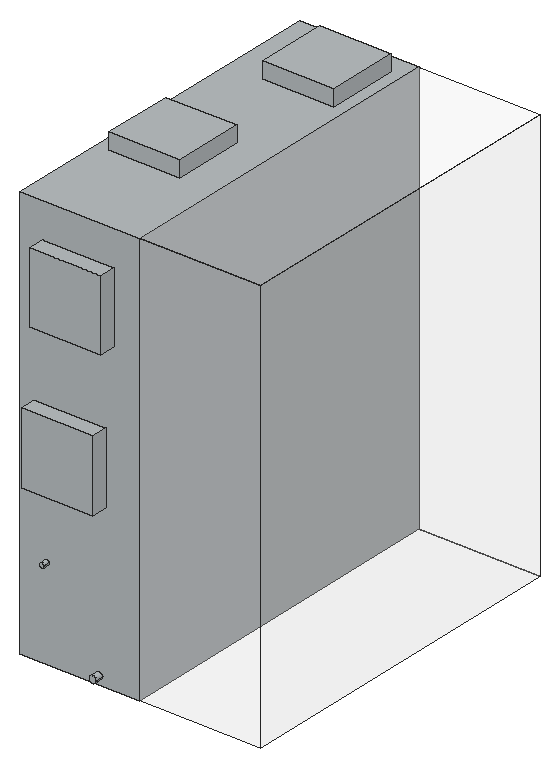
Revit family "lb-150_200kx5-60_60Hz", category 機械設備, Revit 2019
Family settings
  丸型コネクタ寸法 = 直径を使用
  パーツ タイプ = 標準
  OmniClass 番号 = 23.75.10.34.21
  OmniClass タイトル = Heat Exchangers for Ventilation Air
  作業面ベース = いいえ
  常に垂直 = はい
  ロード時にボイドで切り取り = いいえ
  共有 = いいえ
  部屋計算ポイント = はい
Parameters (values of type "LB-150KX5-60")
  騒音レベル(dB(A)) = 45.5
  風量 = 1500.0 m³/h
  面風速 = 3.4 m/s
  電源種別 [instance] = ""
  電圧 = 200 V
  電動機出力 = 0 W
  集中コントローラ = ""
  運転質量 = 0.00 kg
  連動 [instance] = ""
  質量 = if(製品質量 > 運転質量, 製品質量, 運転質量) * 1.2  # 450.00 kg
  負荷分類 = 3_ファン類
  説明 = "設備用ロスナイ 床置ビルトイン形加湿付"
  設計風量 = 0.0 m³/h
  設置方法 = "床置形"
  記号 [instance] = ""
  製造元 = "三菱電機株式会社"
  製品質量 = 375.00 kg
  製品出荷対象 = "国内"
  製品リリース年月 = "2018/7/25"
  製品グループ = ""
  給水管_W = 133 mm
  給水管_H = 452 mm
  給水管_Depth = 29 mm
  系統 [instance] = ""
  符号 = "HEU"
  積算_科目 = "1 空気調和設備"
  積算_拾い区分 [instance] = ""
  相 = 3
  盤記号 [instance] = ""
  発停方法 [instance] = ""
  特殊仕様 [instance] = ""
  火災停止 [instance] = ""
  温度交換効率 = 70.00%
  消費電力 = 1500 W
  法定耐用年数 = "15"
  機外静圧_排気 = 220.0 Pa
  機外静圧 = 220.0 Pa
  極数 = 3
  材質 [instance] = ""
  本体固定用穴ピッチ2 = 1680 mm
  本体固定用穴ピッチ1 = 460 mm
  本体固定用穴_径 = 20 mm
  本体マテリアル = 溶融亜鉛めっき鋼板
  有効加湿量 = 3.4
  操作・制御方式 = ""
  操作・制御スイッチ = ""
  排気量 = 0.0 m³/h
  形式 = "床置形"
  幹線記号 [instance] = ""
  対象室 [instance] = ""
  実風量 = 0.0 m³/h
  始動方式 [instance] = "直入"
  外気量 = 0.0 m³/h
  呼称 = "全熱交換ユニット"
  周波数 = 60 Hz
  参照している仕様書等のバージョン = "公共建築工事標準仕様書（機械設備工事編）平成31年度版"
  加湿給水管径 = 21.7 mm
  初期抵抗 = 0.0 Pa
  分類コード = "50052504100050"
  分類グループ = ""
  価格 = 3866000
  企業コード = "108420"
  付属品_フィルター_還気 = ""
  付属品_フィルター = ""
  付属品 [instance] = ""
  仕様書バージョン = "Version1.0"
  モデル = "LB-150KX5-60"
  メンテナンススペース = yes
  ドレン管径 = 34 mm
  ドレン管_W = 200 mm
  ドレン管_H = 41 mm
  ドレン管_Depth = 37 mm
  コメント [instance] = ""
  Keynote = ""
  エンタルピ交換効率_暖房 = 69.50%
  エンタルピ交換効率_冷房 = 67.00%
  Assembly Code = ""
  Width = 590 mm
  Version = ""
  Uniclass2015Version = "Systems v1.9"
  Uniclass2015Title = "Thermal wheels"
  Uniclass2015Code = "Pr_60_60_36_88"
  URL = "https://www.mitsubishielectric.co.jp/ldg/wink/ssl/displayProduct.do?pid=294047"
  SpecificationReference = ""
  SpecificationDescription = ""
  SAサイズ_W = 352 mm
  SAサイズ_D = 352 mm
  Revision = ""
  RAサイズ_W = 352 mm
  RAサイズ_D = 352 mm
  ProductInformation = ""
  OmniClassCode = "23-27 23 19 11"
  OAサイズ_W = 352 mm
  OAサイズ_D = 352 mm
  MIN風量 = 0.0 m³/h
  MIN静圧 = 0.0 Pa
  MID風量 = 0.0 m³/h
  MID静圧 = 0.0 Pa
  MAX風量 = 1500.0 m³/h
  MAX静圧 = 220.0 Pa
  IfcTypeProduct = ""
  IfcProduct = ""
  IfcExportType = "ROTARYWHEEL"
  IfcExportAs = "IfcAirToAirHeatRecoveryType"
  Height = 2047 mm
  EAサイズ_W = 352 mm
  EAサイズ_D = 352 mm
  Duct_SA_W = 165 mm
  Duct_SA_H = 798 mm
  Duct_RA_W = 125 mm
  Duct_RA_H = 372 mm
  Duct_OA_W = 174 mm
  Duct_OA_D = 458 mm
  Duct_Height = 80 mm
  Duct_EA_W = 61 mm
  Duct_EA_D = 98 mm
  Depth = 1730 mm
  Clearance Top = 0 mm
  Clearance Right = 600 mm
  Clearance Left = 0 mm
  Clearance Front = 0 mm
  Clearance Bottom = 0 mm
  Clearance Back = 0 mm
  Author = "三菱電機株式会社"
Types (2, lengths in mm): name | 騒音レベル(dB(A)) | 風量 | 面風速 | 質量 | 製品質量 | 消費電力 | 機外静圧_排気 | 機外静圧 | 有効加湿量 | 価格 | モデル | エンタルピ交換効率_暖房 | URL | SAサイズ_D | RAサイズ_W | OAサイズ_W | MAX風量 | MAX静圧 | EAサイズ_W | Duct_SA_H | Duct_RA_W | Duct_OA_W
  LB-150KX5-60 | 45.5 | 1500.0 m³/h | 3.4 m/s | 450.00 kg | 375.00 kg | 1500 W | 220.0 Pa | 220.0 Pa | 3.4 | 3866000 | "LB-150KX5-60" | 69.50% | "https://www.mitsubishielectric.co.jp/ldg/wink/ssl/displayProduct.do?pid=294047" | 352 | 352 | 352 | 1500.0 m³/h | 220.0 Pa | 352 | 798 | 125 | 174
  LB-200KX5-60 | 47 | 2000.0 m³/h | 3.53 m/s | 462.00 kg | 385.00 kg | 2100 W | 200.0 Pa | 200.0 Pa | 4.6 | 4971000 | "LB-200KX5-60" | 69.00% | "https://www.mitsubishielectric.co.jp/ldg/wink/ssl/displayProduct.do?pid=294049" | 452 | 452 | 452 | 2000.0 m³/h | 200.0 Pa | 452 | 698 | 74 | 74
Reference planes
  plane 1 "中心(正面/背面)": y = 0
  plane 2: z = 0
  plane 3 "中心(左/右)": x = 0
  plane 4: x = 295
  plane 5: y = 865
  plane 6: y = -865
  plane 7: x = -295
  plane 8: y = -219
  plane 9: y = 591
  plane 10: y = -43
  plane 11: y = -395
  plane 12: y = 767
  plane 13: y = 415
  plane 14: x = -231
  plane 15: x = 121
  plane 16: z = 2047
  plane 17: z = 2127
  plane 18: y = 840
  plane 19: y = -840
  plane 20: x = -230
  plane 21: x = 230
  plane 22: x = 895
  plane 23: x = -295
  plane 24: y = 865
  plane 25: y = -865
  plane 26: z = 2047
  plane 27: z = 0
  plane 28: x = 234
  plane 29: x = -118
  plane 30: z = 798
  plane 31: z = 1150
  plane 32: z = 1874
  plane 33: z = 1522
  plane 34: x = 130
  plane 35: x = -222
  plane 36: x = 170
  plane 37: x = -182
  plane 38: y = -945
  plane 39: x = 95
  plane 40: z = 41
  plane 41: x = -162
  plane 42: z = 452
  plane 43: y = -894
  plane 44: y = -902
Forms (mm)
  Extrusion 1, solid, material "溶融亜鉛めっき鋼板" <- "本体マテリアル", detail levels fine
    sketch origin (0, 0, 0) x (1, 0, 0) y (0, 1, 0)
      loop
        line (-295, 865) -> (-295, -865) -> (295, -865) -> (295, 865) -> (-295, 865)
    from 0 to 2047
  Extrusion 2, solid, material "溶融亜鉛めっき鋼板" <- "本体マテリアル", detail levels fine
    sketch origin (0, 0, 0) x (1, 0, 0) y (0, 1, 0)
      loop
        line (-118, 767) -> (-118, 415) -> (234, 415) -> (234, 767) -> (-118, 767)
      loop
        line (-231, -43) -> (-231, -395) -> (121, -395) -> (121, -43) -> (-231, -43)
    from 2047 to 2127
  Extrusion 3, solid, material "溶融亜鉛めっき鋼板" <- "本体マテリアル", detail levels fine
    sketch origin (0, 0, 0) x (1, 0, 0) y (0, 0, 1)
      loop
        line (130, 798) -> (130, 1150) -> (-222, 1150) -> (-222, 798) -> (130, 798)
      loop
        line (170, 1874) -> (-182, 1874) -> (-182, 1522) -> (170, 1522) -> (170, 1874)
    from 865 to 945
  Extrusion 4, solid, material "溶融亜鉛めっき鋼板" <- "本体マテリアル", detail levels fine
    sketch origin (0, 0, 0) x (1, 0, 0) y (0, 0, 1)
      loop
        circle (95, 41) r 17
    from 865 to 902
  Extrusion 5, solid, material "溶融亜鉛めっき鋼板" <- "本体マテリアル", detail levels fine
    sketch origin (0, 0, 0) x (1, 0, 0) y (0, 0, 1)
      loop
        circle (-162, 452) r 10.85
    from 865 to 894
Lines and regions (mm)
  Masking region 1, detail levels coarse+medium
    outline origin (1331.5, 88, 0) x (1, 0, 0) y (0, 1, 0)
      loop
        line (-1626.5, 777) -> (-1626.5, -953) -> (-1036.5, -953) -> (-1036.5, 777) -> (-1626.5, 777)
  symbolic lines, detail levels coarse+medium
    curve 1: line (0, 865, 0) -> (-295, 0, 0)
    curve 2: line (-295, 0, 0) -> (0, -865, 0)
    curve 3: line (0, -865, 0) -> (295, 0, 0)
    curve 4: line (0, 865, 0) -> (295, 0, 0)
Dimensions and locks
  equal spacing: plane 5, plane 1 "中心(正面/背面)", plane 6
  "Depth": plane 5 to plane 6
  equal spacing: plane 11, plane 8, plane 10
  "OAサイズ_D": plane 11 to plane 10
  equal spacing: plane 13, plane 9, plane 12
  "EAサイズ_D": plane 13 to plane 12
  "Duct_Height": plane 17 to plane 16
  equal spacing: plane 20, plane 3 "中心(左/右)", plane 21
  "本体固定用穴ピッチ1": plane 20 to plane 21
  "Clearance Right": plane 4 to plane 22
  "Clearance Left": plane 23 to plane 7
  "Clearance Back": plane 24 to plane 5
  "Clearance Front": plane 6 to plane 25
  "Clearance Top": plane 26 to plane 16
  "Clearance Bottom": level to plane 27
  equal spacing: plane 7, plane 3 "中心(左/右)", plane 4
  "Width": plane 7 to plane 4
  "Height": plane 26 to level
  "Duct_OA_D": plane 13 to plane 10
  "Duct_EA_D": plane 5 to plane 12
  "Duct_OA_W": plane 15 to plane 4
  "OAサイズ_W": plane 14 to plane 15
  "Duct_EA_W": plane 28 to plane 4
  "EAサイズ_W": plane 29 to plane 28
  "Duct_SA_H": plane 30 to level
  "SAサイズ_D": plane 31 to plane 30
  "Duct_RA_H": plane 33 to plane 31
  "RAサイズ_D": plane 32 to plane 33
  "Duct_SA_W": plane 4 to plane 34
  "SAサイズ_W": plane 34 to plane 35
  "RAサイズ_W": plane 36 to plane 37
  "Duct_RA_W": plane 4 to plane 36
  "Duct_Height": plane 6 to plane 38
  "ドレン管_W": plane 4 to plane 39
  "ドレン管_H": plane 40 to level
  "給水管_W": plane 41 to plane 7
  "給水管_H": plane 42 to level
  "給水管_Depth": plane 6 to plane 43
  "ドレン管_Depth": plane 6 to plane 44
  "本体固定用穴ピッチ2": plane 19 to plane 18
  equal spacing: plane 18, plane 1 "中心(正面/背面)", plane 19
  "ドレン管径": diameter of Extrusion 4 sketch curve
  "加湿給水管径": diameter of Extrusion 5 sketch curve
  aligned and locked: level to plane 2
  aligned and locked: Extrusion 1 sketch curve to plane 5
  aligned and locked: Extrusion 1 sketch curve to plane 6
  aligned and locked: Extrusion 2 sketch curve to plane 12
  aligned and locked: Extrusion 2 sketch curve to plane 13
  aligned and locked: Extrusion 2 sketch curve to plane 10
  aligned and locked: plane 14 to Extrusion 2 sketch curve
  aligned and locked: Extrusion 2 sketch curve to plane 11
  aligned and locked: plane 15 to Extrusion 2 sketch curve
  aligned and locked: Masking region 1 to plane 7
  aligned and locked: Masking region 1 to curve 1  (x2)
  aligned and locked: Masking region 1 to curve 2
  aligned and locked: plane 16 to Extrusion 1
  aligned and locked: plane 17 to Extrusion 2
  aligned and locked: Extrusion 2 to plane 16
  aligned and locked: plane 22 to nested 1
  aligned and locked: nested 1 to plane 25
  aligned and locked: nested 1 to plane 24
  aligned and locked: nested 1 to plane 26
  aligned and locked: nested 1 to plane 27
  aligned and locked: plane 19 to nested 2
  aligned and locked: plane 20 to nested 2
  aligned and locked: nested 2 to plane 21
  aligned and locked: plane 20 to nested 3
  aligned and locked: nested 3 to plane 21
  aligned and locked: nested 3 to plane 18
  aligned and locked: nested 1 to plane 23
  aligned and locked: plane 4 to Extrusion 1 sketch curve
  aligned and locked: Masking region 1 to curve 3
  aligned and locked: Masking region 1 to plane 4
  aligned and locked: plane 5 to Masking region 1
  aligned and locked: plane 6 to Masking region 1
  aligned and locked: Extrusion 1 to level
  aligned and locked: Extrusion 2 sketch curve to plane 28
  aligned and locked: plane 29 to Extrusion 2 sketch curve
  aligned and locked: plane 30 to Extrusion 3 sketch curve
  aligned and locked: Extrusion 3 sketch curve to plane 34
  aligned and locked: Extrusion 3 sketch curve to plane 31
  aligned and locked: plane 35 to Extrusion 3 sketch curve
  aligned and locked: plane 32 to Extrusion 3 sketch curve
  aligned and locked: plane 36 to Extrusion 3 sketch curve
  aligned and locked: Extrusion 3 sketch curve to plane 33
  aligned and locked: Extrusion 3 sketch curve to plane 37
  aligned and locked: Extrusion 3 to plane 38
  aligned and locked: Extrusion 3 to plane 6
  aligned and locked: Extrusion 5 to plane 43
  aligned and locked: Extrusion 5 to plane 6
  aligned and locked: Extrusion 4 to plane 6
  aligned and locked: Extrusion 4 to plane 44
Automatic sketch dimensions
  plane 4 to Masking region 1 sketch curve = 0 mm
  Masking region 1 sketch curve to plane 7 = 0 mm
  Extrusion 1 sketch curve to plane 7 = 0 mm
  Masking region 1 sketch curve to plane 5 = 0 mm
  Masking region 1 sketch curve to plane 6 = 0 mm
  plane 1 "中心(正面/背面)" to curve 1 = 0 mm
  curve 1 to plane 7 = 0 mm
  curve 2 to plane 3 "中心(左/右)" = 0 mm
  curve 4 to plane 3 "中心(左/右)" = 0 mm
  plane 1 "中心(正面/背面)" to curve 3 = 0 mm
  curve 3 to plane 6 = 0 mm
  Extrusion 4 sketch curve to plane 39 = 0 mm
  Extrusion 4 sketch curve to plane 40 = 0 mm
  Extrusion 5 sketch curve to plane 41 = 0 mm
  Extrusion 5 sketch curve to plane 42 = 0 mm
Nested families
  nested 1: "メンテナンススペース" at (300, 0, 1023.5), visible <- "メンテナンススペース", type "メンテナンススペース"
    with Width 1190 mm, Height 2047 mm, Depth 1730 mm
  nested 2: "固定点" at (-230, -840, 0), type "固定点"
    with W 460 mm, D 1000 mm
  nested 3: "固定点" at (-230, 840, 0), type "固定点"
    with W 460 mm, D 1000 mm
Connectors
  hvac at (-55, -219, 2127), driven by "OAサイズ_D", driven by "OAサイズ_W", driven by "機外静圧", driven by "外気量"
    settings: on Extrusion 2, index 3, duct flow 0.0 m³/h, flow factor 0, pres drop 220.0 Pa, loss coef 0, conn angle 0.00°, conn width 352 mm, conn height 352 mm, conn diameter 609.6 mm, duct sys type 4, conn prof type 1, flow config 0, flow direction 1, loss method 4, conn ref index -1, conn util no, is conn primary no, conn desc ""
  hvac at (58, 591, 2127), driven by "EAサイズ_D", driven by "EAサイズ_W", driven by "機外静圧_排気", driven by "排気量"
    settings: on Extrusion 2, index 4, duct flow 0.0 m³/h, flow factor 0, pres drop 220.0 Pa, loss coef 0, conn angle 0.00°, conn width 352 mm, conn height 352 mm, conn diameter 609.6 mm, duct sys type 3, conn prof type 1, flow config 0, flow direction 2, loss method 4, conn ref index -1, conn util no, is conn primary no, conn desc ""
  electrical at (295, 0, 1023.5), driven by "極数", driven by "負荷分類", driven by "電圧", driven by "消費電力"
    settings: on Extrusion 1, index 5, voltage 200 V, apparent load 1500 VA, apparent load phase1 0 VA, apparent load phase2 0 VA, apparent load phase3 0 VA, power factor 1, load classification "3_ファン類", number of poles 3, system type 30, power factor state 1, is connector primary yes, connector utility no, sub classification motor no, connector description ""
  hvac at (-46, -945, 974), driven by "SAサイズ_D", driven by "SAサイズ_W", driven by "機外静圧", driven by "風量"
    settings: on Extrusion 3, index 6, duct flow 1500.0 m³/h, flow factor 0, pres drop 220.0 Pa, loss coef 0, conn angle 0.00°, conn width 352 mm, conn height 352 mm, conn diameter 609.6 mm, duct sys type 1, conn prof type 1, flow config 0, flow direction 2, loss method 4, conn ref index -1, conn util no, is conn primary yes, conn desc ""
  hvac at (-6, -945, 1698), driven by "RAサイズ_D", driven by "RAサイズ_W", driven by "機外静圧", driven by "風量"
    settings: on Extrusion 3, index 7, duct flow 1500.0 m³/h, flow factor 0, pres drop 220.0 Pa, loss coef 0, conn angle 0.00°, conn width 352 mm, conn height 352 mm, conn diameter 609.6 mm, duct sys type 2, conn prof type 1, flow config 0, flow direction 1, loss method 4, conn ref index -1, conn util no, is conn primary no, conn desc ""
  piping at (-162, -894, 452), diameter 21.7, driven by "加湿給水管径"
    settings: on Extrusion 5, index 8, connector inside diameter 609.6 mm, connector length 0 mm, flow factor 0, pipe flow 0.0 L/s, pressure drop 0.0 Pa, fitting loss kfactor 0, connector angle 0.00°, fixture units 0, engagement length 0 mm, angle of deflection 0.00°, flow configuration 0, flow direction 1, fitting loss method 0, system type 20, joint type 0, gender type 0, connector reference index -1, connector utility 0, adjustable connector no, is connector primary yes, connector description ""
  piping at (95, -902, 41), diameter 34, driven by "ドレン管径"
    settings: on Extrusion 4, index 9, connector inside diameter 609.6 mm, connector length 0 mm, flow factor 0, pipe flow 0.0 L/s, pressure drop 0.0 Pa, fitting loss kfactor 0, connector angle 0.00°, fixture units 0, engagement length 0 mm, angle of deflection 0.00°, flow configuration 0, flow direction 2, fitting loss method 0, system type 16, joint type 0, gender type 0, connector reference index -1, connector utility 0, adjustable connector no, is connector primary no, connector description ""
Definition of nested family "メンテナンススペース"
  Parameters (values of type "メンテナンススペース")
    Width [instance] = 500 mm
    Height [instance] = 500 mm
    Depth [instance] = 500 mm
  Reference planes
    plane 1 "中心(正面/背面)": y = 0
    plane 2: z = 0
    plane 3 "中心(左/右)": x = 0
    plane 4: y = -250
    plane 5: x = 250
    plane 6: y = 250
    plane 7: x = -250
    plane 8: z = 250
    plane 9: z = -250
  Forms (mm)
    Extrusion 1, solid
      sketch origin (-638.939, 0, 72.39) x (1, 0, 0) y (0, 1, 0)
        loop
          line (388.939, 250) -> (388.939, -250) -> (888.939, -250) -> (888.939, 250) -> (388.939, 250)
      from -322.39 to 177.61
  Lines and regions (mm)
    symbolic lines
      curve 1: line (-250, 0, 250) -> (250, 0, 250)
      curve 2: line (-250, 0, -250) -> (-250, 0, 250)
      curve 3: line (250, 0, -250) -> (-250, 0, -250)
      curve 4: line (250, 0, 250) -> (250, 0, -250)
      curve 5: line (0, -250, 250) -> (0, 250, 250)
      curve 6: line (0, -250, -250) -> (0, -250, 250)
      curve 7: line (0, 250, -250) -> (0, -250, -250)
      curve 8: line (0, 250, 250) -> (0, 250, -250)
      curve 9: line (-250, 250, 0) -> (250, 250, 0)
      curve 10: line (-250, -250, 0) -> (-250, 250, 0)
      curve 11: line (250, -250, 0) -> (-250, -250, 0)
      curve 12: line (250, 250, 0) -> (250, -250, 0)
  Dimensions and locks
    equal spacing: plane 7, plane 3 "中心(左/右)", plane 5
    equal spacing: plane 4, plane 1 "中心(正面/背面)", plane 6
    "Depth": plane 4 to plane 6
    "Width": plane 7 to plane 5
    equal spacing: plane 8, plane 2, plane 9
    "Height": plane 8 to plane 9
    aligned and locked: plane 9 to curve 3
    aligned and locked: plane 7 to curve 2
    aligned and locked: curve 4 to plane 5
    aligned and locked: plane 5 to Extrusion 1
    aligned and locked: Extrusion 1 to plane 7
    aligned and locked: Extrusion 1 to plane 9
    aligned and locked: plane 8 to Extrusion 1
    aligned and locked: plane 9 to curve 7
  Automatic sketch dimensions
    plane 4 to Extrusion 1 sketch curve = 0 mm
    Extrusion 1 sketch curve to plane 7 = 0 mm
    Extrusion 1 sketch curve to plane 5 = 0 mm
    plane 6 to Extrusion 1 sketch curve = 0 mm
    curve 2 to plane 8 = 0 mm
    plane 4 to curve 11 = 0 mm
    curve 11 to plane 7 = 0 mm
    curve 11 to plane 5 = 0 mm
    plane 6 to curve 10 = 0 mm
    curve 7 to plane 4 = 0 mm
    curve 7 to plane 6 = 0 mm
    curve 6 to plane 8 = 0 mm
Definition of nested family "固定点"
  Parameters (values of type "固定点")
    中心円 = 20 mm
    W [instance] = 1000 mm
    D [instance] = 1000 mm
  Reference planes
    plane 1 "中心(正面/背面)": y = 0
    plane 2: z = 0
    plane 3 "中心(左/右)": x = 0
    plane 4: x = 1000
  Lines and regions (mm)
    symbolic lines, detail levels fine
      curve 1: circle (0, 0, 0) r 10 normal (0, 0, 1)
      curve 2: circle (1000, 0, 0) r 10 normal (0, 0, 1)
      curve 3: line (-200, 0, 0) -> (1200, 0, 0)
      curve 4: line (0, 200, 0) -> (0, -200, 0)
      curve 5: line (1000, 200, 0) -> (1000, -200, 0)
  Dimensions and locks
    "W": plane 3 "中心(左/右)" to plane 4
    "中心円": diameter of curve 1
    "中心円": diameter of curve 2
    aligned and locked: level to plane 2
    aligned and locked: plane 3 "中心(左/右)" to curve 1
    aligned and locked: plane 1 "中心(正面/背面)" to curve 1
    aligned and locked: plane 1 "中心(正面/背面)" to curve 2
    aligned and locked: plane 4 to curve 2
    aligned and locked: plane 1 "中心(正面/背面)" to curve 3
    aligned and locked: curve 4 to plane 3 "中心(左/右)"
    aligned and locked: curve 5 to plane 4
  Automatic sketch dimensions
    curve 3 to plane 3 "中心(左/右)" = 200 mm
    curve 2 to curve 3 = 200 mm
    plane 1 "中心(正面/背面)" to curve 4 = 200 mm
    plane 1 "中心(正面/背面)" to curve 5 = 200 mm
    curve 5 to plane 1 "中心(正面/背面)" = 200 mm
    curve 4 to plane 1 "中心(正面/背面)" = 200 mm
